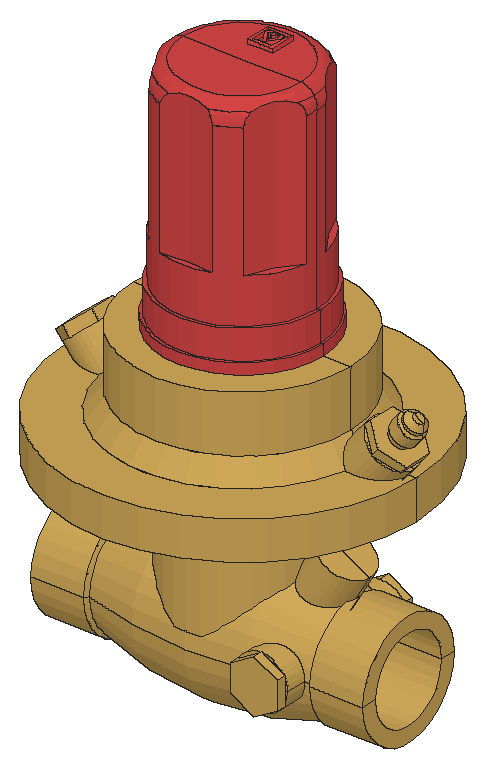
Revit family "Differenzdruckregler 4007", category Rohrzubehör, Revit 2021 (continued)
Definition of nested family "Handrad für Diff.Druckregler 4007"
  Definition of nested family "Herz-Logo"
    Forms (mm)
      Extrusion 1, solid
        sketch origin (0, 0, 0) x (1, 0, 0) y (0, 1, 0)
          loop
            line (0.644, 2.079) -> (-0.018, 0.97) -> (-0.679, 2.079)
            arc (-0.679, 2.079) -> (-1.3, 2.416) -> (-1.921, 2.079) r 0.74
            arc (-1.921, 2.079) -> (-2.04, 1.675) -> (-1.921, 1.272) r 0.74
            line (-1.921, 1.272) -> (-0.018, -1.658) -> (1.885, 1.272)
        from 0 to 1.5
    Dimensions and locks
      aligned and locked: level to plane 2
Definition of nested family "Herz-Logo-vorne"
  Parameters (values of type "Herz-Logo-vorne")
    Default Elevation = 0.00 mm
  Reference planes
    plane 1 "Mitte (Vorne/hinten)": y = 0
    plane 2: z = 0
    plane 3 "Mitte (Links/rechts)": x = 0
  Forms (mm)
    Extrusion 1, solid
      sketch origin (0.732, -0.018, 0.017) x (0, -1, 0) y (0, 0, 1)
        loop
          line (-0.018, -4.517) -> (4.482, -4.517) -> (4.482, 4.483) -> (-4.518, 4.483) -> (-4.518, -4.517) -> (-0.018, -4.517)
        loop
          line (-0.05, -3.48) -> (3.482, -3.48) -> (3.482, 3.483) -> (-3.518, 3.483) -> (-3.518, -3.48) -> (-0.05, -3.48)
        loop
          arc (-0.018, 2.383) -> (-1.543, 3.287) -> (-3.067, 2.383) r 1.738
          arc (-3.067, 2.383) -> (-3.191, 1.899) -> (-3.067, 1.415) r 1.009
          line (-3.067, 1.415) -> (-0.018, -3.281) -> (3.032, 1.415)
          arc (3.032, 1.415) -> (3.156, 1.899) -> (3.032, 2.383) r 1.009
          arc (3.032, 2.383) -> (1.507, 3.287) -> (-0.018, 2.383) r 1.738
        loop
          arc (1.885, 1.272) -> (2.005, 1.675) -> (1.885, 2.079) r 0.74
          arc (1.885, 2.079) -> (1.265, 2.416) -> (0.644, 2.079) r 0.74
          line (0.644, 2.079) -> (-0.018, 0.97) -> (-0.679, 2.079)
          arc (-0.679, 2.079) -> (-1.3, 2.416) -> (-1.921, 2.079) r 0.74
          arc (-1.921, 2.079) -> (-2.04, 1.675) -> (-1.921, 1.272) r 0.74
          line (-1.921, 1.272) -> (-0.018, -1.658) -> (1.885, 1.272)
      from 0 to 1.5
  Dimensions and locks
    aligned and locked: level to plane 2
